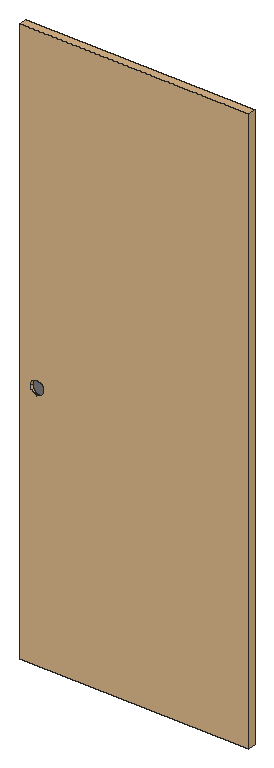
Revit family "PKNail Pocket", category Doors, host Wall, Revit 2017
Family settings
  Host = Wall
  Always vertical = Yes
  Cut with Voids When Loaded = No
  Shared = No
  Room Calculation Point = No
Parameters (values of type "850 x 2100mm")
  Width = 850.00 mm
  PKNail Family Lateral Orientation = "Sliding"
  PKNail Family Facing Orientation = "None"
  PKNail Family = "Pocket"
  Height = 2100.00 mm
  Function = Interior
  Assembly Code = ""
Reference planes
  plane 1: y = 0
  plane 2 "Center (Left/Right)": x = 0
  plane 3 "Wall Edge": y = 76.2
  plane 4: x = -425
  plane 5: x = 425
  plane 6: z = 2100
  plane 7: x = 850
  plane 8: x = 1275
Forms (mm)
  Extrusion 1, void
    sketch origin (0, 76.2, 0) x (1, 0, 0) y (0, 0, 1)
      loop
        line (425, 2100) -> (-425, 2100) -> (-425, 0) -> (425, 0) -> (425, 2100)
    from 0 to 1524
  Extrusion 2, void
    sketch origin (-1524, 0, 0) x (-1, 0, 0) y (0, 0, 1)
      loop
        line (-2799, 2100) -> (-2799, 0) -> (-1949, 0) -> (-1949, 2100) -> (-2799, 2100)
    from 15 to -15
  Extrusion 3, solid, material "Door - Panel"
    sketch origin (-1524, 0, 0) x (1, 0, 0) y (0, 0, 1)
      loop
        line (1102.175, 3.175) -> (1945.825, 3.175) -> (1945.825, 2096.825) -> (1102.175, 2096.825) -> (1102.175, 3.175)
    from -12.5 to 12.5
  Extrusion 4, void
    sketch origin (-1460.5, 12.5, 914.4) x (1, 0, 0) y (0, 0, 1)
      loop
        circle (1102.175, 3.175) r 25.4
    from 0 to 25.4
  Extrusion 5, solid, material "Door - Knob"
    sketch origin (-1524, 12.5, 25.4) x (-1, 0, 0) y (0, 0, 1)
      loop
        circle (-1165.675, 892.175) r 25.4
    from -9.525 to -15.875
Cuts and joins
  Extrusion 4 cuts Extrusion 3
Text (mm)
  text "Placement Side" at (0, 1019.848, 3124.603), in view "Right"
  text "Placement Side" at (-2332.134, 1152.858, 0), in view "Ref. Level"
  text "Placement Side" at (0, 2073.289, 3571.227), in view "Left"
Dimensions and locks
  locked: plane 3 "Wall Edge" to host wall
  "Width": plane 5 to plane 4
  "Height": level to plane 6
  equal spacing: plane 8, plane 7, plane 5, plane 2 "Center (Left/Right)", plane 4
  aligned and locked: plane 5 to Extrusion 1 sketch curve
  aligned and locked: plane 6 to Extrusion 1 sketch curve
  aligned and locked: level to Extrusion 1 sketch curve
  aligned and locked: Extrusion 1 sketch curve to plane 4
Automatic sketch dimensions
  Extrusion 2 sketch curve to level = 0.00 mm
  Extrusion 2 sketch curve to plane 8 = 0.00 mm
  Extrusion 2 sketch curve to plane 5 = 0.00 mm
  Extrusion 2 sketch curve to plane 6 = 0.00 mm
  plane 4 to Extrusion 3 sketch curve = 3.175 mm
  Extrusion 3 sketch curve to plane 5 = 3.175 mm
  level to Extrusion 3 sketch curve = 3.175 mm
  Extrusion 3 sketch curve to plane 6 = 3.175 mm
  Extrusion 3 to Extrusion 4 sketch curve = 914.40 mm
  Extrusion 3 to Extrusion 4 sketch curve = 63.50 mm
  Extrusion 5 sketch curve to Extrusion 3 = 63.50 mm
  Extrusion 5 sketch curve to Extrusion 3 = 914.40 mm
  radius of Extrusion 4 sketch curve = 25.40 mm
  radius of Extrusion 5 sketch curve = 25.40 mm
